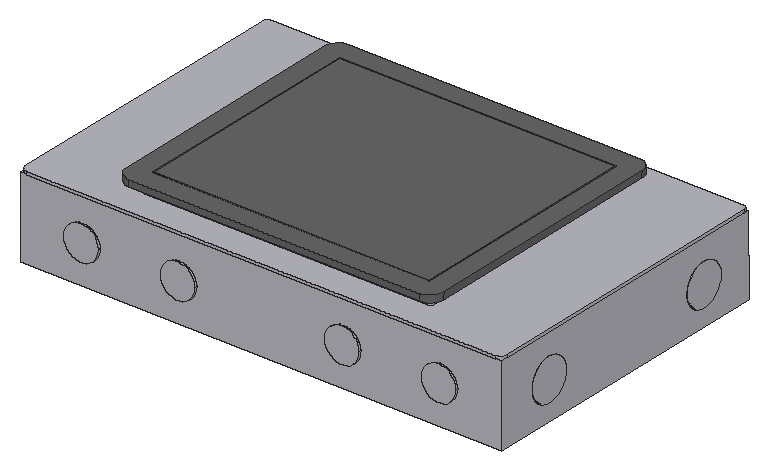
Revit family "Electrical_Equipment-Floor_Box-Hubbell_Wiring-6_Gang-Concrete-CFB6G30", category Electrical Fixtures, host Face, Revit 2015
Parameters (values of type "CFB6G30")
  URL = "http://www.hubbell-wiring.com/"
  Product data url = "https://bimobject.com/hubbellwiring/product/hubbell-cfb6g30"
  Product Page URL = "http://ecatalog.hubbell-wiring.com/productinformation/viewcatalog.aspx?Dest=hubbell-wiring.com/press/catalog/O.pdf"
  Product Documentation Link = "http://www.hubbell-wiring.com/DrawingLibrary.aspx/"
  Model = "CFB6G30"
  Manufacturer = "Hubbell-Wiring"  # constant formula
  Keynote = ""
  Device Plate 6 [instance] = Device Plate : FBMP139 - Simplex / 20A - 1.39" circular opening
  Device Plate 5 [instance] = Device Plate : FBMP139 - Simplex / 20A - 1.39" circular opening
  Device Plate 4 [instance] = Device Plate : FBMP139 - Simplex / 20A - 1.39" circular opening
  Device Plate 3 [instance] = Device Plate : FBMP139 - Simplex / 20A - 1.39" circular opening
  Device Plate 2 [instance] = Device Plate : FBMP139 - Simplex / 20A - 1.39" circular opening
  Device Plate 1 [instance] = Device Plate : FBMP139 - Simplex / 20A - 1.39" circular opening
  Description = "6 Gang Concrete Floor Box Shallow"
  Default Elevation = 0.00"
  Cover Type [instance] = 6-10Carpet : 610GCCVRBKC - Black - Recess
  Conduit Connector_9 Description = "Conduit 1.25in. 1in. or 0.75in. Connection"
  Conduit Connector_8 Description = "Conduit 1.25in. 1in. or 0.75in. Connection"
  Conduit Connector_7 Description = "Conduit 1.25in. 1in. or 0.75in. Connection"
  Conduit Connector_6 Description = "Conduit 1.5in. 1.25in. 1in. or  0.75. Connection"
  Conduit Connector_5 Description = "Conduit 1.5in. 1.25in. 1in. or  0.75. Connection"
  Conduit Connector_4 Description = "Conduit 1.25in. 1in. or 0.75in. Connection"
  Conduit Connector_3 Description = "Conduit 1.25in. 1in. or 0.75in. Connection"
  Conduit Connector_2 Description = "Conduit 1.25in. 1in. or 0.75in. Connection"
  Conduit Connector_16 Description = "Conduit 1.5in. 1.25in. 1in. or  0.75. Connection"
  Conduit Connector_15 Description = "Conduit 1.5in. 1.25in. 1in. or  0.75. Connection"
  Conduit Connector_14 Description = "Conduit 1.5in. 1.25in. 1in. or  0.75. Connection"
  Conduit Connector_13 Description = "Conduit 1.5in. 1.25in. 1in. or  0.75. Connection"
  Conduit Connector_12 Description = "Conduit 1.5in. 1.25in. 1in. or  0.75. Connection"
  Conduit Connector_11 Description = "Conduit 1.5in. 1.25in. 1in. or  0.75. Connection"
  Conduit Connector_10 Description = "Conduit 1.25in. 1in. or 0.75in. Connection"
  Conduit Connector_1 Description = "Conduit 1.25in. 1in. or 0.75in. Connection"
  Conduit Connector 2 Radius = 0.75"
  Conduit Connector 1 Radius = 0.625"
  Box Material = Metal - Hubbell - Steel
  Assembly Code = "D5020115"
Types (2): name | Model | Description | Cover Type | Box Material
  CFB6G30 | "CFB6G30" | "6 Gang Concrete Floor Box Shallow" | 6-10Carpet : 610GCCVRBKC - Black - Recess | Metal - Hubbell - Steel
  CFB6G30CR | "CFB6G30CR" | "6 Gang Concrete Floor Box Shallow With Green Exterior" | 6-10Carpet : 610GCCVRBRSC - Brass - Recess | Metal - Hubbell - Green Finish
Reference planes (in)
  plane 1 "Center (Front/Back)": y = 0
  plane 2: z = 0
  plane 3 "Center (Left/Right)": x = 0
  plane 4 "Bottom": z = -3.379
  plane 5: y = -3.5
  plane 6: z = -1.959
  plane 7: z = -3.439
  plane 8: x = -8.71897
  plane 9: x = 8.71897
  plane 10: y = 5.5648
  plane 11: y = -5.5648
  plane 12: z = -3.279
  plane 13 "Box cut": y = 5.47431
  plane 14: y = -5.47431
  plane 15: z = -0.48
  plane 16: y = 3.5
  plane 17: x = -8.77271
  plane 18: x = 8.77271
  plane 19: y = -5.6248
  plane 20: y = 5.6248
  plane 21: x = -2.97
  plane 22: x = 2.97
  plane 23: x = -6.47
  plane 24: x = 6.47
  plane 25: x = 8.62897
  plane 26: x = -8.62897
  plane 27: z = -0.38
Forms (in)
  Extrusion 1, solid, material "Metal - Hubbell - Steel" <- "Box Material"
    sketch origin (0, 0, -3.379) x (0, 1, 0) y (-1, 0, 0)
      loop
        line (-5.5648, 8.71897) -> (-5.5648, -8.71897) -> (5.5648, -8.71897) -> (5.5648, 8.71897) -> (-5.5648, 8.71897)
    from 0 to 2.899
  Extrusion 2, solid, material "Metal - Hubbell - Steel" <- "Box Material", detail levels medium+fine
    sketch origin (0, 0, 0) x (1, 0, 0) y (0, 0, 1)
      loop
        circle (-2.97, -1.959) r 0.625
      loop
        circle (2.97, -1.959) r 0.625
      loop
        circle (-6.47, -1.959) r 0.625
      loop
        circle (6.47, -1.959) r 0.625
    from 5.5648 to 5.6248
  Extrusion 3, solid, material "Metal - Hubbell - Steel" <- "Box Material", detail levels medium+fine
    sketch origin (0, 0, 0) x (1, 0, 0) y (0, 0, -1)
      loop
        circle (-2.97, 1.959) r 0.625
      loop
        circle (2.97, 1.959) r 0.625
      loop
        circle (6.47, 1.959) r 0.625
      loop
        circle (-6.47, 1.959) r 0.625
    from 5.5648 to 5.6248
  Extrusion 4, solid, material "Metal - Hubbell - Steel" <- "Box Material", detail levels medium+fine
    sketch origin (0, 0, 0) x (0, 1, 0) y (0, 0, 1)
      loop
        circle (-3.5, -1.959) r 0.75
      loop
        circle (3.5, -1.959) r 0.75
    from 8.71897 to 8.77271
  Extrusion 5, solid, material "Metal - Hubbell - Steel" <- "Box Material", detail levels medium+fine
    sketch origin (0, 0, 0) x (0, 1, 0) y (0, 0, -1)
      loop
        circle (-3.5, 1.959) r 0.75
      loop
        circle (3.5, 1.959) r 0.75
    from 8.71897 to 8.77271
  Extrusion 6, void
    sketch origin (0, 0, 0) x (1, 0, 0) y (0, 1, 0)
      loop
        line (-8.62897, 5.47431) -> (-8.62897, -5.47431) -> (8.62897, -5.47431) -> (8.62897, 5.47431) -> (-8.62897, 5.47431)
    from -3.279 to -0.38
  Extrusion 7, solid, material "Metal - Hubbell - Steel" <- "Box Material", detail levels medium+fine
    sketch origin (0, 0, 0) x (1, 0, 0) y (0, 1, 0)
      loop
        circle (6.47, 3.5) r 0.75
      loop
        circle (-6.47, -3.5) r 0.75
      loop
        circle (6.47, -3.5) r 0.75
      loop
        circle (-6.47, 3.5) r 0.75
    from -3.439 to -3.379
  Sweep 8, solid, material "Metal - Hubbell - Steel" <- "Box Material"
    path origin (0, 0, 0) x (0, 1, 0) y (0, 0, 1)
      loop
        line (0, -0.38) -> (0, -0.48)
    profile origin (0, 0, -0.43) x (1, 0, 0) y (0, 1, 0)
      loop
        arc (-8.71897, -5.3399) -> (-8.6531, -5.49893) -> (-8.49407, -5.5648) r 0.2249
        line (-8.49407, -5.5648) -> (8.49407, -5.5648)
        arc (8.49407, -5.5648) -> (8.6531, -5.49893) -> (8.71897, -5.3399) r 0.2249
        line (8.71897, -5.3399) -> (8.71897, 5.36421)
        arc (8.71897, 5.36421) -> (8.66022, 5.50605) -> (8.51838, 5.5648) r 0.20059
        line (8.51838, 5.5648) -> (-8.49407, 5.5648)
        arc (-8.49407, 5.5648) -> (-8.6531, 5.49893) -> (-8.71897, 5.3399) r 0.2249
        line (-8.71897, 5.3399) -> (-8.71897, -5.3399)
  Sweep 9, solid, material "Metal - Hubbell - Steel" <- "Box Material"
    path origin (0, 0, 0) x (0, 1, 0) y (0, 0, 1)
      loop
        line (0, -0.38) -> (0, 0)
    profile origin (0, 0, -0.19) x (0, -1, 0) y (1, 0, 0)
      loop
        line (4.46839, -5.08454) -> (4.46839, 5.15255)
        arc (4.46839, 5.15255) -> (4.43031, 5.24447) -> (4.33839, 5.28255) r 0.13
        line (4.33839, 5.28255) -> (-4.3565, 5.28255)
        arc (-4.3565, 5.28255) -> (-4.44843, 5.24447) -> (-4.4865, 5.15255) r 0.13
        line (-4.4865, 5.15255) -> (-4.4865, -5.08454)
        arc (-4.4865, -5.08454) -> (-4.44843, -5.17647) -> (-4.3565, -5.21454) r 0.13
        line (-4.3565, -5.21454) -> (4.33839, -5.21454)
        arc (4.33839, -5.21454) -> (4.43031, -5.17647) -> (4.46839, -5.08454) r 0.13
      loop
        line (-4.35619, -5.18454) -> (4.33808, -5.18454)
        arc (4.33808, -5.18454) -> (4.40899, -5.15536) -> (4.43839, -5.08454) r 0.1
        line (4.43839, -5.08454) -> (4.43839, 5.15255)
        arc (4.43839, 5.15255) -> (4.4091, 5.22326) -> (4.33839, 5.25255) r 0.1
        line (4.33839, 5.25255) -> (-4.3565, 5.25255)
        arc (-4.3565, 5.25255) -> (-4.42721, 5.22326) -> (-4.4565, 5.15255) r 0.1
        line (-4.4565, 5.15255) -> (-4.4565, -5.08454)
        arc (-4.4565, -5.08454) -> (-4.4271, -5.15536) -> (-4.35619, -5.18454) r 0.1
Cuts and joins
  Extrusion 6 cuts Extrusion 1
Lines and regions (in)
  symbolic lines
    curve 1: line (0, -5.5648, -3.379) -> (0, -5.5648, 0)
    curve 2: line (0, -5.5648, 0) -> (0, 5.5648, 0)
    curve 3: line (0, 5.5648, 0) -> (0, 5.5648, -3.379)
    curve 4: line (0, 5.5648, -3.379) -> (0, -5.5648, -3.379)
    curve 5: line (-8.71897, 0, 0) -> (-8.71897, 0, -3.379)
    curve 6: line (-8.71897, 0, -3.379) -> (8.71897, 0, -3.379)
    curve 7: line (8.71897, 0, -3.379) -> (8.71897, 0, 0)
    curve 8: line (8.71897, 0, 0) -> (-8.71897, 0, 0)
Dimensions and locks (in)
  level to plane 4 "Bottom" = 3.379"
  level to plane 7 = 3.439"
  level to plane 12 = 3.279"
  plane 6 to level = 1.959"
  level to plane 15 = 0.48"
  locked: plane 5 to Extrusion 5 sketch curve at 0
  locked: plane 6 to Extrusion 5 sketch curve at 0  (x2)
  locked: plane 16 to Extrusion 5 sketch curve at 0
  locked: plane 5 to Extrusion 4 sketch curve at 0
  locked: plane 6 to Extrusion 4 sketch curve at 0  (x2)
  locked: plane 16 to Extrusion 4 sketch curve at 0
  host face to plane 4 "Bottom" = 3.379"
  equal spacing: plane 22, plane 3 "Center (Left/Right)", plane 21
  plane 3 "Center (Left/Right)" to plane 21 = 2.97"
  locked: plane 11 to plane 19 at 0.06
  equal spacing: plane 16, plane 1 "Center (Front/Back)", plane 5
  locked: plane 16 to plane 1 "Center (Front/Back)" at 3.5
  equal spacing: plane 14, plane 1 "Center (Front/Back)", plane 13 "Box cut", locked at 5.47431 each
  equal spacing: plane 11, plane 1 "Center (Front/Back)", plane 10, locked at 5.5648 each
  equal spacing: plane 20, plane 1 "Center (Front/Back)", plane 19, locked at 5.6248 each
  equal spacing: plane 8, plane 3 "Center (Left/Right)", plane 9, locked at 8.71897 each
  equal spacing: plane 17, plane 3 "Center (Left/Right)", plane 18, locked at 8.77271 each
  equal spacing: plane 24, plane 3 "Center (Left/Right)", plane 23
  plane 3 "Center (Left/Right)" to plane 23 = 6.47"
  equal spacing: plane 26, plane 3 "Center (Left/Right)", plane 25, locked at 8.62897 each
  locked: plane 19 to plane 20 at 11.2496
  equal spacing: plane 19, plane 1 "Center (Front/Back)", plane 20, locked at 5.6248 each
  locked: plane 17 to plane 18 at 17.54542
  locked: Sweep 9 to plane 3 "Center (Left/Right)" at 5.21454
  "Conduit Connector 2 Radius": radius of Extrusion 5 sketch curve  (x2)
  "Conduit Connector 2 Radius": radius of Extrusion 4 sketch curve  (x2)
  "Conduit Connector 1 Radius": radius of Extrusion 2 sketch curve  (x4)
  "Conduit Connector 2 Radius": radius of Extrusion 7 sketch curve  (x4)
  "Conduit Connector 1 Radius": radius of Extrusion 3 sketch curve  (x4)
  aligned and locked: host face to plane 2
  aligned and locked: level to host face
  aligned and locked: plane 8 to Extrusion 5
  aligned and locked: Extrusion 4 to plane 9
  aligned and locked: Extrusion 2 to plane 11
  aligned and locked: plane 10 to Extrusion 3
  aligned and locked: Extrusion 1 to plane 4 "Bottom"
  aligned and locked: Extrusion 1 sketch curve to plane 9
  aligned and locked: plane 11 to Extrusion 1 sketch curve
  aligned and locked: cut or joined group of Extrusion 1, Extrusion 6 to plane 13 "Box cut"
  aligned and locked: plane 14 to cut or joined group of Extrusion 1, Extrusion 6
  aligned and locked: plane 4 "Bottom" to Extrusion 7
  aligned and locked: curve 4 to plane 4 "Bottom"
  aligned and locked: plane 11 to curve 1
  aligned and locked: Extrusion 7 to plane 7
  aligned and locked: Extrusion 5 to plane 17
  aligned and locked: plane 18 to Extrusion 4
  aligned and locked: plane 19 to Extrusion 2
  aligned and locked: plane 20 to Extrusion 3
  aligned and locked: curve 5 to plane 8
  aligned and locked: curve 6 to plane 4 "Bottom"
  aligned and locked: plane 9 to curve 7
  aligned and locked: Extrusion 6 to plane 12
  aligned and locked: plane 10 to Extrusion 1 sketch curve
  aligned and locked: plane 6 to Extrusion 2 sketch curve  (x4)
  aligned and locked: plane 21 to Extrusion 2 sketch curve
  aligned and locked: plane 22 to Extrusion 2 sketch curve
  aligned and locked: plane 23 to Extrusion 2 sketch curve
  aligned and locked: plane 24 to Extrusion 2 sketch curve
  aligned and locked: plane 6 to Extrusion 3 sketch curve  (x4)
  aligned and locked: plane 21 to Extrusion 3 sketch curve
  aligned and locked: plane 22 to Extrusion 3 sketch curve
  aligned and locked: plane 24 to Extrusion 3 sketch curve
  aligned and locked: plane 23 to Extrusion 3 sketch curve
  aligned and locked: plane 8 to Extrusion 1 sketch curve
  aligned and locked: Extrusion 6 sketch curve to plane 25
  aligned and locked: plane 26 to Extrusion 6 sketch curve
  aligned and locked: plane 23 to Extrusion 7 sketch curve  (x2)
  aligned and locked: plane 24 to Extrusion 7 sketch curve  (x2)
  aligned and locked: plane 5 to Extrusion 7 sketch curve  (x2)
  aligned and locked: plane 16 to Extrusion 7 sketch curve  (x2)
  aligned and locked: plane 3 "Center (Left/Right)" to nested 1
  aligned and locked: plane 1 "Center (Front/Back)" to nested 1
  aligned and locked: plane 27 to Sweep 8 sketch curve
  aligned and locked: Sweep 8 sketch curve to plane 1 "Center (Front/Back)"
  aligned and locked: plane 15 to Sweep 8 sketch curve
  aligned and locked: plane 15 to Extrusion 1
  aligned and locked: plane 1 "Center (Front/Back)" to Sweep 9 sketch curve
  aligned and locked: plane 2 to Sweep 9 sketch curve
  aligned and locked: plane 27 to Sweep 9 sketch curve
  aligned and locked: plane 8 to Sweep 8 sketch curve
  aligned and locked: Sweep 8 sketch curve to plane 11
  aligned and locked: Sweep 8 sketch curve to plane 9
  aligned and locked: plane 10 to Sweep 8 sketch curve
  aligned and locked: plane 2 to curve 8
  aligned and locked: curve 3 to plane 10
  aligned and locked: plane 2 to curve 2
  aligned and locked: Extrusion 6 to plane 27
Automatic sketch dimensions
  host sketch curve to host sketch curve = 96.00"  (x2)
  plane 14 to Extrusion 6 sketch curve = 0.00"
  Extrusion 6 sketch curve to plane 13 "Box cut" = 0.00"
  Sweep 8 sketch curve to Sweep 8 sketch curve = 0.2249"  (x3)
  Sweep 8 sketch curve to Sweep 8 sketch curve = 0.20059"
  Sweep 9 sketch curve to Sweep 9 sketch curve = 0.00"  (x8)
  profile plane to Sweep 9 sketch curve = 4.4865"
  Sweep 9 sketch curve to Sweep 9 sketch curve = 0.03"
  Sweep 9 sketch curve to Sweep 9 sketch curve = 0.10"  (x3)
  Sweep 9 sketch curve to Sweep 9 sketch curve = 0.00031"  (x2)
  Sweep 9 sketch curve to profile plane = 4.33808"
  Sweep 9 sketch curve to plane 3 "Center (Left/Right)" = 5.21454"
  plane 3 "Center (Left/Right)" to Sweep 9 sketch curve = 5.15255"
Nested families (in)
  nested 1: "6-10Carpet" at (0, 0, 0), type <- "Cover Type", type "610GCCVRBKC - Black - Recess"
    with Recess Cover yes
Connectors (in)
  cabletrayconduit at (-6.47, -5.6248, -1.959), diameter 1.25, driven by "Conduit Connector 1 Radius", driven by "Conduit Connector_1 Description"
    settings: on Extrusion 2, index 1, connector width 12.00", connector height 12.00", connector angle 0.00°, system type 32, placement type 0, profile type 0, connector reference index -1, is primary connector yes, connector utility param no, connector description "Conduit 1.25in. 1in. or 0.75in. Connection"
  cabletrayconduit at (-2.97, -5.6248, -1.959), diameter 1.25, driven by "Conduit Connector 1 Radius", driven by "Conduit Connector_2 Description"
    settings: on Extrusion 2, index 2, connector width 12.00", connector height 12.00", connector angle 0.00°, system type 32, placement type 0, profile type 0, connector reference index -1, is primary connector no, connector utility param no, connector description "Conduit 1.25in. 1in. or 0.75in. Connection"
  cabletrayconduit at (2.97, -5.6248, -1.959), diameter 1.25, driven by "Conduit Connector 1 Radius", driven by "Conduit Connector_3 Description"
    settings: on Extrusion 2, index 3, connector width 12.00", connector height 12.00", connector angle 0.00°, system type 32, placement type 0, profile type 0, connector reference index -1, is primary connector no, connector utility param no, connector description "Conduit 1.25in. 1in. or 0.75in. Connection"
  cabletrayconduit at (6.47, -5.6248, -1.959), diameter 1.25, driven by "Conduit Connector 1 Radius", driven by "Conduit Connector_4 Description"
    settings: on Extrusion 2, index 4, connector width 12.00", connector height 12.00", connector angle 0.00°, system type 32, placement type 0, profile type 0, connector reference index -1, is primary connector no, connector utility param no, connector description "Conduit 1.25in. 1in. or 0.75in. Connection"
  cabletrayconduit at (8.77271, -3.5, -1.959), diameter 1.5, driven by "Conduit Connector 2 Radius", driven by "Conduit Connector_5 Description"
    settings: on Extrusion 4, index 5, connector width 12.00", connector height 12.00", connector angle 0.00°, system type 32, placement type 0, profile type 0, connector reference index -1, is primary connector no, connector utility param no, connector description "Conduit 1.5in. 1.25in. 1in. or  0.75. Connection"
  cabletrayconduit at (8.77271, 3.5, -1.959), diameter 1.5, driven by "Conduit Connector 2 Radius", driven by "Conduit Connector_6 Description"
    settings: on Extrusion 4, index 6, connector width 12.00", connector height 12.00", connector angle 0.00°, system type 32, placement type 0, profile type 0, connector reference index -1, is primary connector no, connector utility param no, connector description "Conduit 1.5in. 1.25in. 1in. or  0.75. Connection"
  cabletrayconduit at (6.47, 5.6248, -1.959), diameter 1.25, driven by "Conduit Connector 1 Radius", driven by "Conduit Connector_7 Description"
    settings: on Extrusion 3, index 7, connector width 12.00", connector height 12.00", connector angle 0.00°, system type 32, placement type 0, profile type 0, connector reference index -1, is primary connector no, connector utility param no, connector description "Conduit 1.25in. 1in. or 0.75in. Connection"
  cabletrayconduit at (2.97, 5.6248, -1.959), diameter 1.25, driven by "Conduit Connector 1 Radius", driven by "Conduit Connector_8 Description"
    settings: on Extrusion 3, index 8, connector width 12.00", connector height 12.00", connector angle 0.00°, system type 32, placement type 0, profile type 0, connector reference index -1, is primary connector no, connector utility param no, connector description "Conduit 1.25in. 1in. or 0.75in. Connection"
  cabletrayconduit at (-2.97, 5.6248, -1.959), diameter 1.25, driven by "Conduit Connector 1 Radius", driven by "Conduit Connector_9 Description"
    settings: on Extrusion 3, index 9, connector width 12.00", connector height 12.00", connector angle 0.00°, system type 32, placement type 0, profile type 0, connector reference index -1, is primary connector no, connector utility param no, connector description "Conduit 1.25in. 1in. or 0.75in. Connection"
  cabletrayconduit at (-6.47, 5.6248, -1.959), diameter 1.25, driven by "Conduit Connector 1 Radius", driven by "Conduit Connector_10 Description"
    settings: on Extrusion 3, index 10, connector width 12.00", connector height 12.00", connector angle 0.00°, system type 32, placement type 0, profile type 0, connector reference index -1, is primary connector no, connector utility param no, connector description "Conduit 1.25in. 1in. or 0.75in. Connection"
  cabletrayconduit at (-8.77271, 3.5, -1.959), diameter 1.5, driven by "Conduit Connector 2 Radius", driven by "Conduit Connector_11 Description"
    settings: on Extrusion 5, index 11, connector width 12.00", connector height 12.00", connector angle 0.00°, system type 32, placement type 0, profile type 0, connector reference index -1, is primary connector no, connector utility param no, connector description "Conduit 1.5in. 1.25in. 1in. or  0.75. Connection"
  cabletrayconduit at (-8.77271, -3.5, -1.959), diameter 1.5, driven by "Conduit Connector 2 Radius", driven by "Conduit Connector_12 Description"
    settings: on Extrusion 5, index 12, connector width 12.00", connector height 12.00", connector angle 0.00°, system type 32, placement type 0, profile type 0, connector reference index -1, is primary connector no, connector utility param no, connector description "Conduit 1.5in. 1.25in. 1in. or  0.75. Connection"
  cabletrayconduit at (6.47, -3.5, -3.439), diameter 1.5, driven by "Conduit Connector 2 Radius", driven by "Conduit Connector_13 Description"
    settings: on Extrusion 7, index 13, connector width 12.00", connector height 12.00", connector angle 0.00°, system type 32, placement type 0, profile type 0, connector reference index -1, is primary connector no, connector utility param no, connector description "Conduit 1.5in. 1.25in. 1in. or  0.75. Connection"
  cabletrayconduit at (6.47, 3.5, -3.439), diameter 1.5, driven by "Conduit Connector 2 Radius", driven by "Conduit Connector_14 Description"
    settings: on Extrusion 7, index 14, connector width 12.00", connector height 12.00", connector angle 0.00°, system type 32, placement type 0, profile type 0, connector reference index -1, is primary connector no, connector utility param no, connector description "Conduit 1.5in. 1.25in. 1in. or  0.75. Connection"
  cabletrayconduit at (-6.47, -3.5, -3.439), diameter 1.5, driven by "Conduit Connector 2 Radius", driven by "Conduit Connector_15 Description"
    settings: on Extrusion 7, index 15, connector width 12.00", connector height 12.00", connector angle 0.00°, system type 32, placement type 0, profile type 0, connector reference index -1, is primary connector no, connector utility param no, connector description "Conduit 1.5in. 1.25in. 1in. or  0.75. Connection"
  cabletrayconduit at (-6.47, 3.5, -3.439), diameter 1.5, driven by "Conduit Connector 2 Radius", driven by "Conduit Connector_16 Description"
    settings: on Extrusion 7, index 16, connector width 12.00", connector height 12.00", connector angle 0.00°, system type 32, placement type 0, profile type 0, connector reference index -1, is primary connector no, connector utility param no, connector description "Conduit 1.5in. 1.25in. 1in. or  0.75. Connection"
Definition of nested family "6-10Carpet"
  Parameters
    URL = "http://www.hubbell-wiring.com/"
    Recess Cover = no
    Product Page URL = ""
    Product Documentation Link = ""
    Model = "610GCCVRNK"
    Manufacturer = "Hubbell-Wiring"  # constant formula
    Description = "6 & 10 Gang Carpet Cover Assy."  # constant formula
    Default Elevation = 0.00"
    Cover Material = none
    Assembly Code = "D5020115"
  Reference planes (in)
    plane 1 "Center (Front/Back)": y = 0
    plane 2: z = 0
    plane 3 "Center (Left/Right)": x = 0
    plane 4: x = -5
    plane 5: x = 5
    plane 6: y = 4.225
    plane 7: y = -4.225
    plane 8: z = 0.24
    plane 9: x = 5.75
    plane 10: x = -5.75
    plane 11: y = 4.975
    plane 12: y = -4.975
    plane 13: x = -4.875
    plane 14: x = 4.875
    plane 15: y = 4.1
    plane 16: y = -4.1
    plane 17: z = -0.25
    plane 18: y = 2.145
    plane 19: y = -2.145
    plane 20: x = -3.79
    plane 21: x = 3.79
    plane 22: x = -3.095
    plane 23: x = 3.095
    plane 24: y = 2.255
    plane 25: y = -2.255
  Forms (in)
    Extrusion 1, solid
      sketch origin (0, 0, 0) x (1, 0, 0) y (0, 1, 0)
        loop
          line (-48, 48) -> (-48, -48) -> (48, -48) -> (48, 48) -> (-48, 48)
      from 0 to -12
    Extrusion 2, solid, material <- "Cover Material"
      sketch origin (0, 0, 0) x (1, 0, 0) y (0, 1, 0)
        loop
          line (-5, 4.225) -> (-5, -4.225) -> (5, -4.225) -> (5, 4.225) -> (-5, 4.225)
      from 0 to 0.24
    Extrusion 3, solid, material <- "Cover Material"
      sketch origin (0, 0, 0) x (1, 0, 0) y (0, 1, 0)
        loop
          line (-5, 4.225) -> (-5, -4.225) -> (5, -4.225) -> (5, 4.225) -> (-5, 4.225)
        loop
          arc (-5.25, 4.975) -> (-5.60355, 4.82855) -> (-5.75, 4.475) r 0.5
          line (-5.75, 4.475) -> (-5.75, -4.475)
          arc (-5.75, -4.475) -> (-5.60355, -4.82855) -> (-5.25, -4.975) r 0.5
          line (-5.25, -4.975) -> (5.25, -4.975)
          arc (5.25, -4.975) -> (5.60355, -4.82855) -> (5.75, -4.475) r 0.5
          line (5.75, -4.475) -> (5.75, 4.475)
          arc (5.75, 4.475) -> (5.60355, 4.82855) -> (5.25, 4.975) r 0.5
          line (5.25, 4.975) -> (-5.25, 4.975)
      from 0 to 0.24
    Extrusion 4, solid, material <- "Cover Material"
      sketch origin (0, 0, 0) x (1, 0, 0) y (0, 1, 0)
        loop
          line (-5, 4.225) -> (-5, -4.225) -> (5, -4.225) -> (5, 4.225) -> (-5, 4.225)
        loop
          line (-4.875, 4.1) -> (-4.875, -4.1) -> (4.875, -4.1) -> (4.875, 4.1) -> (-4.875, 4.1)
      from 0 to -0.25
  Cuts and joins
    joined: Extrusion 2, Extrusion 4
  Lines and regions (in)
    symbolic lines
      curve 1: line (-5.75, 4.975, 0) -> (5.75, 4.975, 0)
      curve 2: line (-5.75, -4.975, 0) -> (-5.75, 4.975, 0)
      curve 3: line (5.75, -4.975, 0) -> (-5.75, -4.975, 0)
      curve 4: line (5.75, 4.975, 0) -> (5.75, -4.975, 0)
      curve 9: line (-5.75, 0, 0.24) -> (5.75, 0, 0.24)
      curve 10: line (-5.75, 0, 0) -> (-5.75, 0, 0.24)
      curve 11: line (5.75, 0, 0) -> (-5.75, 0, 0)
      curve 12: line (5.75, 0, 0.24) -> (5.75, 0, 0)
      curve 13: line (5, 0, -0.25) -> (-5, 0, -0.25)
      curve 14: line (5, 0, 0) -> (5, 0, -0.25)
      curve 15: line (-5, 0, -0.25) -> (-5, 0, 0)
      curve 16: line (0, 4.975, 0.24) -> (0, -4.975, 0.24)
      curve 17: line (0, 4.975, 0) -> (0, 4.975, 0.24)
      curve 18: line (0, -4.975, 0) -> (0, 4.975, 0)
      curve 19: line (0, -4.975, 0.24) -> (0, -4.975, 0)
      curve 20: line (0, 4.225, -0.25) -> (0, 4.225, 0)
      curve 21: line (0, -4.225, -0.25) -> (0, 4.225, -0.25)
      curve 22: line (0, -4.225, 0) -> (0, -4.225, -0.25)
    symbolic lines, detail levels medium+fine
      curve 5: line (-5, 4.225, 0) -> (5, 4.225, 0)
      curve 6: line (-5, -4.225, 0) -> (-5, 4.225, 0)
      curve 7: line (5, -4.225, 0) -> (-5, -4.225, 0)
      curve 8: line (5, 4.225, 0) -> (5, -4.225, 0)
      curve 35: line (-3.79, 1.895, 0) -> (-3.79, -1.895, 0)
      curve 36: arc (-3.79, -1.895, 0) -> (-3.86322, -2.07178, 0) -> (-4.04, -2.145, 0) r 0.25
      curve 37: line (-4.04, -2.145, 0) -> (-5, -2.145, 0)
      curve 38: line (-5, -2.145, 0) -> (-5, 2.145, 0)
      curve 39: line (-5, 2.145, 0) -> (-4.04, 2.145, 0)
      curve 40: arc (-4.04, 2.145, 0) -> (-3.86322, 2.07178, 0) -> (-3.79, 1.895, 0) r 0.25
      curve 41: line (3.79, 1.895, 0) -> (3.79, -1.895, 0)
      curve 42: arc (3.79, -1.895, 0) -> (3.86322, -2.07178, 0) -> (4.04, -2.145, 0) r 0.25
      curve 43: line (4.04, -2.145, 0) -> (5, -2.145, 0)
      curve 44: line (5, -2.145, 0) -> (5, 2.145, 0)
      curve 45: line (5, 2.145, 0) -> (4.04, 2.145, 0)
      curve 46: arc (4.04, 2.145, 0) -> (3.86322, 2.07178, 0) -> (3.79, 1.895, 0) r 0.25
    model lines, detail levels medium+fine
      curve 23: line (5, 2.145, 0.24) -> (4.04, 2.145, 0.24)
      curve 24: line (5, -2.145, 0.24) -> (5, 2.145, 0.24)
      curve 25: line (4.04, -2.145, 0.24) -> (5, -2.145, 0.24)
      curve 26: line (3.79, 1.895, 0.24) -> (3.79, -1.895, 0.24)
      curve 27: arc (3.79, 1.895, 0.24) -> (3.86322, 2.07178, 0.24) -> (4.04, 2.145, 0.24) r 0.25
      curve 28: arc (4.04, -2.145, 0.24) -> (3.86322, -2.07178, 0.24) -> (3.79, -1.895, 0.24) r 0.25
      curve 29: line (-5, 2.145, 0.24) -> (-4.04, 2.145, 0.24)
      curve 30: line (-5, -2.145, 0.24) -> (-5, 2.145, 0.24)
      curve 31: line (-4.04, -2.145, 0.24) -> (-5, -2.145, 0.24)
      curve 32: line (-3.79, 1.895, 0.24) -> (-3.79, -1.895, 0.24)
      curve 33: arc (-3.79, 1.895, 0.24) -> (-3.86322, 2.07178, 0.24) -> (-4.04, 2.145, 0.24) r 0.25
      curve 34: arc (-4.04, -2.145, 0.24) -> (-3.86322, -2.07178, 0.24) -> (-3.79, -1.895, 0.24) r 0.25
    reference lines
      curve 47: arc (-4.04, 2.145, 0) -> (-3.86322, 2.07178, 0) -> (-3.79, 1.895, 0) r 0.25
      curve 48: arc (-3.79, -1.895, 0) -> (-3.86322, -2.07178, 0) -> (-4.04, -2.145, 0) r 0.25
      curve 49: arc (4.04, 2.145, 0) -> (3.86322, 2.07178, 0) -> (3.79, 1.895, 0) r 0.25
      curve 50: arc (3.79, -1.895, 0) -> (3.86322, -2.07178, 0) -> (4.04, -2.145, 0) r 0.25
    model lines, visible <- "Recess Cover", detail levels medium+fine
      curve 51: line (-3.095, 2.255, 0.24) -> (3.095, 2.255, 0.24)
      curve 52: line (-3.095, -2.255, 0.24) -> (-3.095, 2.255, 0.24)
      curve 53: line (3.095, -2.255, 0.24) -> (-3.095, -2.255, 0.24)
      curve 54: line (3.095, 2.255, 0.24) -> (3.095, -2.255, 0.24)
  Dimensions and locks (in)
    equal spacing: plane 4, plane 3 "Center (Left/Right)", plane 5
    locked: plane 4 to plane 5 at 10
    equal spacing: plane 7, plane 1 "Center (Front/Back)", plane 6
    locked: plane 7 to plane 6 at 8.45
    locked: plane 8 to plane 2 at 0.24
    equal spacing: plane 10, plane 3 "Center (Left/Right)", plane 9
    locked: plane 10 to plane 9 at 11.5
    equal spacing: plane 12, plane 1 "Center (Front/Back)", plane 11
    locked: plane 11 to plane 12 at 9.95
    locked: plane 4 to plane 13 at 0.125
    locked: plane 14 to plane 5 at 0.125
    locked: plane 15 to plane 6 at 0.125
    locked: plane 16 to plane 7 at 0.125
    locked: plane 2 to plane 17 at 0.25
    equal spacing: plane 19, plane 1 "Center (Front/Back)", plane 18
    locked: plane 19 to plane 18 at 4.29
    locked: plane 4 to plane 20 at 1.21
    locked: plane 21 to plane 5 at 1.21
    equal spacing: plane 22, plane 3 "Center (Left/Right)", plane 23
    locked: plane 22 to plane 23 at 6.19
    equal spacing: plane 25, plane 1 "Center (Front/Back)", plane 24
    locked: plane 25 to plane 24 at 4.51
    radius of Extrusion 3 sketch curve = 0.50"  (x4)
    aligned and locked: plane 2 to Extrusion 1
    aligned and locked: level to Extrusion 1
    aligned and locked: plane 6 to Extrusion 2 sketch curve
    aligned and locked: Extrusion 2 sketch curve to plane 4
    aligned and locked: plane 7 to Extrusion 2 sketch curve
    aligned and locked: Extrusion 2 sketch curve to plane 5
    aligned and locked: plane 8 to Extrusion 2
    aligned and locked: Extrusion 3 sketch curve to Extrusion 2  (x4)
    aligned and locked: plane 11 to Extrusion 3 sketch curve
    aligned and locked: Extrusion 3 sketch curve to plane 10
    aligned and locked: plane 12 to Extrusion 3 sketch curve
    aligned and locked: Extrusion 3 sketch curve to plane 9
    aligned and locked: plane 8 to Extrusion 3
    aligned and locked: Extrusion 3 to plane 2
    aligned and locked: Extrusion 2 to plane 2
    aligned and locked: Extrusion 4 sketch curve to Extrusion 2  (x4)
    aligned and locked: plane 15 to Extrusion 4 sketch curve
    aligned and locked: Extrusion 4 sketch curve to plane 13
    aligned and locked: plane 16 to Extrusion 4 sketch curve
    aligned and locked: Extrusion 4 sketch curve to plane 14
    aligned and locked: Extrusion 4 to plane 17
    aligned and locked: plane 2 to Extrusion 4
    aligned and locked: plane 11 to curve 1
    aligned and locked: curve 2 to plane 10
    aligned and locked: plane 12 to curve 3
    aligned and locked: curve 4 to plane 9
    aligned and locked: curve 5 to Extrusion 2
    aligned and locked: curve 6 to Extrusion 2
    aligned and locked: curve 7 to Extrusion 2
    aligned and locked: curve 8 to Extrusion 2
    aligned and locked: curve 14 to Extrusion 4
    aligned and locked: curve 15 to Extrusion 4
    aligned and locked: curve 20 to Extrusion 4
    aligned and locked: curve 21 to Extrusion 4
    aligned and locked: curve 22 to Extrusion 4
    aligned and locked: curve 23 to plane 18
    aligned and locked: plane 5 to curve 24
    aligned and locked: curve 30 to plane 4
    aligned and locked: curve 38 to curve 30
    aligned and locked: curve 44 to curve 24
    aligned and locked: curve 45 to curve 23
    aligned and locked: plane 17 to curve 13
    aligned and locked: plane 18 to curve 39
    aligned and locked: plane 18 to curve 29
    aligned and locked: curve 33 to curve 47
    aligned and locked: curve 40 to curve 47
    aligned and locked: curve 34 to curve 48
    aligned and locked: curve 36 to curve 48
    aligned and locked: curve 28 to curve 50
    aligned and locked: curve 42 to curve 50
    aligned and locked: curve 27 to curve 49
    aligned and locked: curve 46 to curve 49
    aligned and locked: curve 10 to plane 10
    aligned and locked: curve 9 to plane 8
    aligned and locked: curve 12 to plane 9
    aligned and locked: plane 11 to curve 17
    aligned and locked: curve 16 to plane 8
    aligned and locked: plane 12 to curve 19
    aligned and locked: plane 24 to curve 51
    aligned and locked: plane 22 to curve 52
    aligned and locked: plane 25 to curve 53
    aligned and locked: plane 23 to curve 54
  Automatic sketch dimensions
    Extrusion 1 sketch curve to Extrusion 1 sketch curve = 96.00"  (x2)
    plane 18 to curve 47 = 0.00"
    curve 48 to plane 19 = 0.00"
    curve 48 to plane 20 = 0.00"
    curve 47 to plane 20 = 0.00"
    curve 47 to curve 47 = 0.25"
    plane 19 to curve 48 = 0.25"
    curve 11 to level = 0.00"
    curve 18 to level = 0.00"
